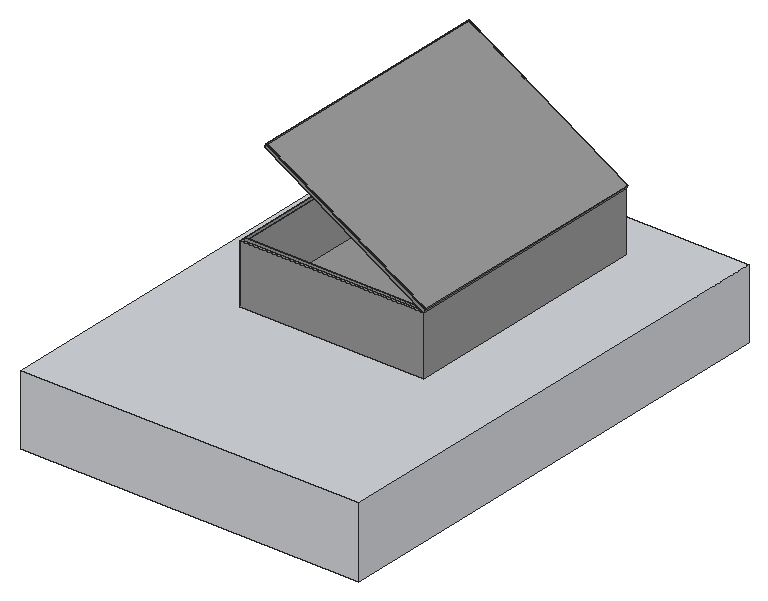
Revit family "Hager-Univers-IP55-D275-H1100-Cl.II-Steel_encl-PL-en", category Equipement électrique, Revit 2020
Family settings
  Hôte = Face
  Configuration du panneau = Deux colonnes, circuits au sein
  Cote de connecteur circulaire = Utiliser le diamètre
  Type d'élément = Tableau de raccordement
  Couper avec des vides une fois chargée = Non
  Partagée = Non
  Point de calcul de pièce = Non
Parameters (values of type "Surface mounted (plaster) IP55 W800 H1100 D275  - FR73S")
  Width Control [instance] = if([EF000008 - Width] > Min Width, [EF000008 - Width], Min Width)  # 800 mm
  Commentaires du type = [HG000003 - Range]  # "Univers"
  Thickness Door [instance] = if([EF009171 - Material plate thickness door/cover] > 3 mm, 3 mm, [EF009171 - Material plate thickness door/cover])  # 1.5 mm
  Seal Frame Offset [instance] = 17 mm  # constant formula
  Plinth Visibility [instance] = [HG000027 - Plinth height] > 0 mm  # no
  Model = ""
  Min Width [instance] = 100 mm  # constant formula
  Min Height [instance] = 100 mm  # constant formula
  Min Depth [instance] = (2 * [EF009170 - Material plate thickness cabinet]) + 1 mm  # 4 mm
  Internal Frame Depth [instance] = (Door System Depth * 0.5)  # 9 mm
  Height Control [instance] = if([EF000040 - Height] > Min Height, [EF000040 - Height], Min Height)  # 1100 mm
  HG000027 - Plinth height = 0 mm
  HG000026 - Floor standing = no
  HG000024 - Bottom section height = 800 mm
  HG000023 - Double section enclosure = no
  HG000016 - Door 3d visibility [instance] = yes
  HG000015 - Clearance visibility [instance] = no
  HG000014 - Door on the right [instance] = yes
  HG000013 - Door on the left [instance] = not([HG000014 - Door on the right])  # no
  HG000012 - Door swing angle [instance] = 30.00°
  HG000010 - Asymmetric doors = no
  HG000009 - Double swing door = no
  HG000006 - Flush mounted = no
  HG000004 - Manufacturer reference = "FR73S"
  HG000003 - Range = "Univers"
  HG000002 - With door or cover = yes
  Frame Offset Bottom [instance] = 10 mm  # constant formula
  Frame Offset [instance] = 15 mm  # constant formula
  EF015940 - Cover with overpressure release = no
  EF011959 - Degree of protection (NEMA) = ""
  EF009554 - Number of openings for flange plates = 6
  EF009212 - Cover model = "EV000116 - Closed"
  EF009171 - Material plate thickness door/cover = 1.5 mm
  EF009170 - Material plate thickness cabinet = 1.5 mm
  Fabricant = "Hager"  # constant formula
  EF008873 - Nominal current (In) = 800 A
  EF007800 - Suitable for lightning protection = no
  EF006306 - With lock = no
  EF006244 - Transparent cover/door = no
  EF005474 - Degree of protection (IP) = "EV006420 - IP55"
  EF004464 - Type of door = "EV002646 - Single"
  EF004427 - Number of modules = 252
  EF004293 - Impact strength = "EV008784 - IK10"
  EF003532 - Suitable for outdoor use = no
  EF002950 - Width in number of modular spacings = 24
  EF001613 - Circuit integrity = "EV000494 - None"
  EF001596 - Material housing = "EV000179 - Steel"
  EF001131 - Internal depth = 275 mm
  EF001088 - Extension possible = yes
  EF000437 - Number of conduit inlets = 6
  EF000339 - Type of cover = "EV004216 - Door"
  EF000266 - Number of rows = 7
  EF000218 - Built-in depth = 0 mm
  EF000118 - With mounting plate = no
  EF000116 - RAL-number = "7035"
  EF000049 - Depth = 275 mm
  EF000040 - Height = 1100 mm
  EF000008 - Width = 800 mm
  EF000007 - Colour = "EV000270 - Grey"
  EF000003 - Mounting method = "EV000384 - Surface mounted (plaster)"
  Door System Leaf Tolerance [instance] = 1.5 mm  # constant formula
  Door System Depth [instance] = 18 mm  # constant formula
  Door Height [instance] = Height Control - [HG000027 - Plinth height]  # 1100 mm
  Depth Control [instance] = if([EF000049 - Depth] > Min Depth, [EF000049 - Depth], Min Depth)  # 275 mm
  Default Elevation = 0 mm
  Connector Offset [instance] = Height Control / 2  # 550 mm
  Bottom Top Plate Trim [instance] = 1.5 mm  # constant formula
  Plinth height Ctrl [instance] = if([HG000027 - Plinth height] > 0 mm, [HG000027 - Plinth height], 12 mm)  # 12 mm
Types (5, lengths in mm): name | Width Control | HG000010 - Asymmetric doors | HG000009 - Double swing door | HG000004 - Manufacturer reference | EF009554 - Number of openings for flange plates | EF004464 - Type of door | EF004427 - Number of modules | EF000437 - Number of conduit inlets | EF000008 - Width
  Surface mounted (plaster) IP55 W1050 H1100 D275  - FR74S | 1050 | no | yes | "FR74S" | 8 | "EV003602 - Double" | 336 | 8 | 1050
  Surface mounted (plaster) IP55 W1300 H1100 D275  - FR75S | 1300 | yes | yes | "FR75S" | 10 | "EV003602 - Double" | 420 | 10 | 1300
  Surface mounted (plaster) IP55 W300 H1100 D275  - FR71S | 300 | no | no | "FR71S" | 2 | "EV002646 - Single" | 84 | 2 | 300
  Surface mounted (plaster) IP55 W550 H1100 D275  - FR72S | 550 | no | no | "FR72S" | 4 | "EV002646 - Single" | 168 | 4 | 550
  Surface mounted (plaster) IP55 W800 H1100 D275  - FR73S | 800 | no | no | "FR73S" | 6 | "EV002646 - Single" | 252 | 6 | 800
Reference planes
  plane 1 "Center (Front/Back)": y = 0
  plane 2: z = 0
  plane 3 "Center (Left/Right)": x = 0
  plane 4: z = 275
  plane 5: y = 1.5
  plane 6: y = 550
  plane 7: y = 0
  plane 8: y = 1100
  plane 9: z = 0
  plane 10: x = -385
  plane 11: x = 385
  plane 12: x = 383.5
  plane 13: x = -383.5
  plane 14: y = 1098.5
  plane 15: x = -383
  plane 16: x = -400
  plane 17: x = 383
  plane 18: x = 400
  plane 19: x = 398.5
  plane 20: x = -398.5
  plane 21: y = 11.5
  plane 22: y = 1100
  plane 23: y = 1083.5
  plane 24: z = 257
  plane 25: z = 1.5
  plane 26: z = 255.5
  plane 27: z = 273.5
Forms (mm)
  Extrusion 1, solid
    sketch origin (0, 0, 0) x (1, 0, 0) y (0, 1, 0)
      loop
        line (-702.964, 1305) -> (-702.964, -811.445) -> (766.763, -811.445) -> (766.763, 1305) -> (-702.964, 1305)
    from 0 to -304.8
  Extrusion 2, solid, material "Hager_Steel_RAL7035_Light_Grey", visible <- "Plinth Visibility", detail levels medium+fine
    sketch origin (0, 0, 0) x (1, 0, 0) y (0, 1, 0)
      loop
        line (-400, 0) -> (400, 0) -> (400, 12) -> (-400, 12) -> (-400, 0)
    from 0 to 257
  Extrusion 3, solid, material "Hager_Steel_RAL7035_Light_Grey", detail levels medium+fine
    sketch origin (0, 0, 0) x (1, 0, 0) y (0, 1, 0)
      loop
        line (-400, 0) -> (400, 0) -> (400, 1100) -> (-400, 1100) -> (-400, 0)
    from 0 to 257
  Extrusion 4, void
    sketch origin (0, 0, 0) x (1, 0, 0) y (0, 1, 0)
      loop
        line (-398.5, 1.5) -> (398.5, 1.5) -> (398.5, 1098.5) -> (-398.5, 1098.5) -> (-398.5, 1.5)
    from 1.5 to 255.5
  Extrusion 5, void
    sketch origin (-381.607, -4572, 257) x (0, -1, 0) y (-1, 0, 0)
      loop
        line (-4583.5, 1.893) -> (-5655.5, 1.893) -> (-5655.5, -765.107) -> (-4583.5, -765.107) -> (-4583.5, 1.893)
    from 0 to 1.5 <- "EF009170 - Material plate thickness cabinet"
  Extrusion 6, solid, material "Hager_Steel_RAL7035_Light_Grey", detail levels fine
    sketch origin (0, 0, 257) x (1, 0, 0) y (0, 1, 0)
      loop
        line (-383.5, 1083.5) -> (-383.5, 11.5) -> (383.5, 11.5) -> (383.5, 1083.5) -> (-383.5, 1083.5)
      loop
        line (-385, 10) -> (385, 10) -> (385, 1085) -> (-385, 1085) -> (-385, 10)
    from 0 to 9 <- "Internal Frame Depth"
  Extrusion 7, solid, material "Hager_Steel_RAL7035_Light_Grey", detail levels coarse
    sketch origin (0, 0, 0) x (1, 0, 0) y (0, 1, 0)
      loop
        line (-400, 0) -> (400, 0) -> (400, 1100) -> (-400, 1100) -> (-400, 0)
    from 0 to 275
  Sweep 8, void
    path in 3D
      loop
        line (-400, 12, 0) -> (400, 12, 0) -> (400, 12, 257) -> (-400, 12, 257) -> (-400, 12, 0)
    profile origin (-400, 12, 128.5) x (-1, 0, 0) y (0, -1, 0)
      loop
        line (0, 0) -> (0, 1.5) -> (-1.5, 1.5)
        arc (-1.5, 1.5) -> (-1.061, 0.439) -> (0, 0) r 1.5
Cuts and joins
  Extrusion 4, Extrusion 5 cuts Extrusion 3
  Sweep 8 cuts Extrusion 2
Lines and regions (mm)
  Masking region 1
    outline origin (0, 0, 0) x (1, 0, 0) y (0, 0, 1)
      loop
        line (-400, 275) -> (-400, 0) -> (400, 0) -> (400, 275) -> (-400, 275)
  Masking region 2, detail levels medium+fine
    outline origin (0, 140, 0) x (0, 1, 0) y (0, 0, 1)
      loop
        line (-140, 0) -> (960, 0) -> (960, 257) -> (-140, 257) -> (-140, 0)
  Masking region 3, not visible, detail levels medium+fine
    outline origin (0, 297.922, 0) x (0, 1, 0) y (0, 0, 1)
      loop
        line (263.578, 0) -> (303.578, 0) -> (303.578, 263.5)
        arc (303.578, 263.5) -> (300.649, 270.571) -> (293.578, 273.5) r 10
        line (293.578, 273.5) -> (263.578, 273.5) -> (263.578, 0)
  Masking region 4, detail levels coarse
    outline origin (0, 0, 180) x (0, 1, 0) y (0, 0, 1)
      loop
        line (0, -180) -> (1100, -180) -> (1100, 95) -> (0, 95) -> (0, -180)
  Masking region 5, visible <- "Plinth Visibility", detail levels medium+fine
    outline origin (0, 52.24, 12.345) x (0, 0, -1) y (0, 1, 0)
      loop
        line (10.845, -40.24) -> (-243.155, -40.24)
        arc (-243.155, -40.24) -> (-243.594, -41.301) -> (-244.655, -41.74) r 1.5
        line (-244.655, -41.74) -> (-244.655, -52.24) -> (12.345, -52.24) -> (12.345, -41.74)
        arc (12.345, -41.74) -> (11.285, -41.301) -> (10.845, -40.24) r 1.5
  Masking region 6, detail levels medium+fine
    outline origin (-381.607, -4572, 257) x (-1, 0, 0) y (0, -1, 0)
      loop
        line (18.393, -5672) -> (18.393, -4572) -> (-781.607, -4572) -> (-781.607, -5672) -> (18.393, -5672)
  Masking region 7, visible <- "Plinth Visibility", detail levels medium+fine
    outline origin (-381.607, -4727, 257) x (-1, 0, 0) y (0, -1, 0)
      loop
        arc (16.893, -4739) -> (17.332, -4737.939) -> (18.393, -4737.5) r 1.5
        line (18.393, -4737.5) -> (18.393, -4727) -> (-781.607, -4727) -> (-781.607, -4737.5)
        arc (-781.607, -4737.5) -> (-780.546, -4737.939) -> (-780.107, -4739) r 1.5
        line (-780.107, -4739) -> (16.893, -4739)
  Masking region 8, detail levels coarse
    outline origin (-442.548, -4669.526, 257) x (-1, 0, 0) y (0, -1, 0)
      loop
        line (-42.548, -5769.526) -> (-42.548, -4669.526) -> (-842.548, -4669.526) -> (-842.548, -5769.526) -> (-42.548, -5769.526)
  sketch lines
    curve 1: line (-400, 12, 257) -> (-400, 12, 0)
    curve 2: line (400, 12, 257) -> (-400, 12, 257)
    curve 3: line (400, 12, 257) -> (400, 12, 0)
    curve 4: line (-400, 12, 0) -> (400, 12, 0)
Dimensions and locks
  "Depth Control": plane 4 to Extrusion 1
  "HG000027 - Plinth height": plane 1 "Center (Front/Back)" to plane 7
  "EF009170 - Material plate thickness cabinet": plane 5 to plane 7
  locked: connector elem to plane 3 "Center (Left/Right)"
  equal spacing: plane 8, plane 6, plane 7
  locked: connector elem to plane 6
  "EF009170 - Material plate thickness cabinet": plane 8 to plane 14
  "EF009170 - Material plate thickness cabinet": plane 10 to plane 13
  "EF009170 - Material plate thickness cabinet": plane 12 to plane 11
  "Frame Offset": plane 20 to plane 13
  "Frame Offset": plane 12 to plane 19
  "EF009170 - Material plate thickness cabinet": plane 16 to plane 20
  "EF009170 - Material plate thickness cabinet": plane 19 to plane 18
  "Seal Frame Offset": plane 16 to plane 15
  "Seal Frame Offset": plane 17 to plane 18
  "Frame Offset Bottom": plane 21 to plane 5
  "Frame Offset": plane 14 to plane 23
  equal spacing: plane 16, plane 3 "Center (Left/Right)", plane 18
  "Width Control": plane 16 to plane 18
  "EF009170 - Material plate thickness cabinet": plane 4 to plane 27
  "EF009170 - Material plate thickness cabinet": plane 24 to plane 26
  "EF009170 - Material plate thickness cabinet": plane 25 to level
  "Door System Depth": plane 4 to plane 24
  "Height Control": plane 1 "Center (Front/Back)" to Extrusion 7 sketch curve
  "Height Control": Masking region 4 sketch curve to plane 1 "Center (Front/Back)"
  "Height Control": plane 1 "Center (Front/Back)" to plane 22
  "Bottom Top Plate Trim": profile plane to Sweep 8 sketch curve
  "Bottom Top Plate Trim": Sweep 8 sketch curve to profile plane
  "Plinth height Ctrl": plane 1 "Center (Front/Back)" to Extrusion 2 sketch curve
  "Plinth height Ctrl": Masking region 5 sketch curve to plane 1 "Center (Front/Back)"
  "Plinth height Ctrl": plane 1 "Center (Front/Back)" to Masking region 7 sketch curve
  "Thickness Door": Extrusion 6 sketch curve to Extrusion 6 sketch curve  (x3)
  "Thickness Door": cut or joined group of Extrusion 3, Extrusion 4, Extrusion 5 to Extrusion 6 sketch curve
  radius of Masking region 3 sketch curve = 10 mm
  "Bottom Top Plate Trim": radius of Masking region 5 sketch curve  (x2)
  "Bottom Top Plate Trim": radius of Sweep 8 sketch curve
  "Bottom Top Plate Trim": radius of Masking region 7 sketch curve  (x2)
  aligned and locked: plane 2 to Extrusion 1
  aligned and locked: level to Extrusion 1
  aligned and locked: level to Masking region 1 sketch curve
  aligned and locked: Masking region 1 sketch curve to plane 18
  aligned and locked: Masking region 1 sketch curve to plane 16
  aligned and locked: plane 7 to Masking region 2 sketch curve
  aligned and locked: level to Masking region 3 sketch curve
  aligned and locked: Masking region 3 sketch curve to plane 27
  aligned and locked: level to Masking region 2 sketch curve
  aligned and locked: plane 1 "Center (Front/Back)" to Extrusion 2 sketch curve
  aligned and locked: Extrusion 3 sketch curve to plane 7
  aligned and locked: plane 16 to Extrusion 3 sketch curve
  aligned and locked: plane 18 to Extrusion 3 sketch curve
  aligned and locked: plane 20 to Extrusion 4 sketch curve
  aligned and locked: plane 19 to Extrusion 4 sketch curve
  aligned and locked: Extrusion 4 sketch curve to plane 5
  aligned and locked: Extrusion 4 to plane 25
  aligned and locked: plane 26 to Extrusion 4
  aligned and locked: plane 24 to Extrusion 3
  aligned and locked: Extrusion 5 sketch curve to plane 21
  aligned and locked: Extrusion 5 sketch curve to plane 13
  aligned and locked: Extrusion 5 sketch curve to plane 12
  aligned and locked: plane 18 to Extrusion 7 sketch curve
  aligned and locked: plane 1 "Center (Front/Back)" to Extrusion 7 sketch curve
  aligned and locked: plane 16 to Extrusion 7 sketch curve
  aligned and locked: plane 4 to Extrusion 7
  aligned and locked: Extrusion 7 to level
  aligned and locked: level to Masking region 4 sketch curve
  aligned and locked: Masking region 4 sketch curve to plane 1 "Center (Front/Back)"
  aligned and locked: Masking region 4 sketch curve to plane 4
  aligned and locked: nested 1 to level
  aligned and locked: nested 1 to plane 16
  aligned and locked: plane 8 to Extrusion 3 sketch curve
  aligned and locked: plane 23 to Extrusion 5 sketch curve
  aligned and locked: plane 14 to Extrusion 4 sketch curve
  aligned and locked: Masking region 2 sketch curve to plane 8
  aligned and locked: level to Masking region 5 sketch curve
  aligned and locked: plane 16 to Extrusion 2 sketch curve
  aligned and locked: plane 18 to Extrusion 2 sketch curve
  aligned and locked: Masking region 5 sketch curve to plane 24
  aligned and locked: Masking region 2 sketch curve to plane 24
  aligned and locked: plane 24 to Extrusion 2
  aligned and locked: profile plane to Sweep 8 sketch curve  (x2)
  aligned and locked: Masking region 6 sketch curve to plane 18
  aligned and locked: Masking region 6 sketch curve to plane 22
  aligned and locked: Masking region 6 sketch curve to plane 16
  aligned and locked: plane 8 to plane 22
  aligned and locked: Masking region 6 sketch curve to plane 7
  aligned and locked: Masking region 7 sketch curve to plane 16
  aligned and locked: Masking region 7 sketch curve to plane 1 "Center (Front/Back)"
  aligned and locked: Masking region 7 sketch curve to plane 18
  aligned and locked: Masking region 8 sketch curve to plane 1 "Center (Front/Back)"
  aligned and locked: Masking region 8 sketch curve to plane 18
  aligned and locked: Masking region 8 sketch curve to plane 22
  aligned and locked: Masking region 8 sketch curve to plane 16
  aligned and locked: nested 2 to plane 7
  aligned and locked: plane 3 "Center (Left/Right)" to nested 2
  aligned and locked: nested 2 to plane 24
  aligned and locked: Extrusion 6 sketch curve to cut or joined group of Extrusion 3, Extrusion 4, Extrusion 5  (x4)
Automatic sketch dimensions
  Extrusion 1 sketch curve to Extrusion 1 sketch curve = 1469.727 mm
  Extrusion 1 sketch curve to Extrusion 1 sketch curve = 2116.445 mm
  Masking region 1 sketch curve to plane 4 = 0 mm
  plane 6 to Masking region 3 sketch curve = 11.5 mm
  Masking region 3 sketch curve to Masking region 3 sketch curve = 30 mm
  Masking region 5 sketch curve to plane 1 "Center (Front/Back)" = 0 mm
Nested families
  nested 1: "Hager_Enclosure_Symbol" at (-400, 0, 0) x (1, 0, 0) z (0, -1, 0), Height <- "Depth Control", Width <- "Width Control", type "Hager_Enclosure_Symbol"
    with Width_Ctrl 800 mm, Width 800 mm, Height_Ctrl 275 mm, Height 275 mm, A_Width_Int 18.047 mm, A_Width 216.562 mm, A_Height_Ctrl 240.625 mm, A_Height 240.625 mm
  nested 2: "EC000058_Univers_Door" at (0, 0, 257) x (1, 0, 0) z (0, 1, 0), Leaf_Tolerance <- "Door System Leaf Tolerance", Angle <- "HG000012 - Door swing angle", Door_Depth <- "Door System Depth", Door_Left <- "HG000013 - Door on the left", Transparent <- "EF006244 - Transparent cover/door", Assymetrical <- "HG000010 - Asymmetric doors", Width <- "Width Control", Clearance <- "HG000015 - Clearance visibility", Double <- "HG000009 - Double swing door", 3d_Door <- "HG000016 - Door 3d visibility", Lock_Visibility <- "EF006306 - With lock", Width_Ctrl <- "Width Control", Door_Right <- "HG000014 - Door on the right", Door <- "HG000002 - With door or cover", Height <- "Door Height", Thickness <- "Thickness Door", type "EC000058_Univers_Door", detail levels medium+fine
    with min_wh 4 mm, Width_Ctrl 800 mm, Width 800 mm, Transparent no, Thickness 1.5 mm, Seal_Material Hager_Rubber, Lock_Visibility no, Lock_Material Hager_Plastic_RAL9005_Jet_Black, Leaf_Width 800 mm, Leaf_Tolerance_External_Sides 0 mm, Leaf_Tolerance 1.5 mm, Leaf_Offset 0 mm, Leaf_Height 1097 mm, Leaf_2_Width 800 mm, Leaf_2_Offset 400 mm, Leaf_1_Width 800 mm, Leaf_1_Offset 400 mm, Height_Ctrl 1100 mm, Height 1100 mm, Glass_Material Hager_Glass, Double_Clearance_Ctrl no, Double no, Door_Right_Ctrl yes, Door_Right yes, Door_Material Hager_Steel_RAL7035_Light_Grey, Door_Left_Ctrl no, Door_Left no, Door_Depth 18 mm, Door yes, Clearance_Material Hager_Clearance, Clearance_Depth 800 mm, Clearance_Ctrl no, Clearance no, Assymetrical no, Angle 30.00°, 3d_Door yes
Connectors
  electrical at (0, 550, 0)
    settings: on plane 9, index 1, voltage 0 V, apparent load 0 VA, apparent load phase1 0 VA, apparent load phase2 0 VA, apparent load phase3 0 VA, power factor 1, load classification "Other", number of poles 1, system type 30, power factor state 1, is connector primary yes, connector utility no, sub classification motor no, connector description ""
Definition of nested family "EC000058_Univers_Door"
  Parameters (values of type "EC000058_Univers_Door")
    min_wh [instance] = (2 * Thickness) + 1 mm  # 11 mm
    Width_Ctrl [instance] = 400 mm
    Width [instance] = 500 mm
    Transparent [instance] = yes
    Thickness [instance] = 5 mm
    Seal_Material [instance] = none
    Lock_Visibility [instance] = yes
    Lock_Material [instance] = none
    Leaf_Width [instance] = if((Width_Ctrl - 2 * Leaf_Tolerance_External_Sides) > 0 mm, (Width_Ctrl - 2 * Leaf_Tolerance_External_Sides), min_wh)  # 400 mm
    Leaf_Tolerance_External_Sides [instance] = 0 mm  # constant formula
    Leaf_Tolerance [instance] = 1.5 mm
    Leaf_Offset [instance] = 0 mm  # constant formula
    Leaf_Height [instance] = if((Height_Ctrl - 2 * Leaf_Tolerance) > 0 mm, (Height_Ctrl - 2 * Leaf_Tolerance), min_wh)  # 497 mm
    Leaf_2_Width [instance] = if(and(and(Double, Assymetrical), Door_Left), (Leaf_Width / 3) - (Leaf_Tolerance / 2), if(and(and(Double, Assymetrical), Door_Right), (Leaf_Width / 3) * 2 - (Leaf_Tolerance / 2), if(and(Double, not(Assymetrical)), (Leaf_Width / 2) - Leaf_Tolerance, Leaf_Width)))  # 400 mm
    Leaf_2_Offset [instance] = if(and(Double, Assymetrical), Leaf_2_Width / 2, if(and(Double, not(Assymetrical)), Leaf_Width / 4, Leaf_Width / 2))  # 200 mm
    Leaf_1_Width [instance] = if(and(and(Double, Assymetrical), Door_Right), (Leaf_Width / 3) - (Leaf_Tolerance / 2), if(and(and(Double, Assymetrical), Door_Left), (Width / 3) * 2 - (Leaf_Tolerance / 2), if(and(Double, not(Assymetrical)), (Leaf_Width / 2) - Leaf_Tolerance, Leaf_Width)))  # 400 mm
    Leaf_1_Offset [instance] = if(and(Double, Assymetrical), Leaf_1_Width / 2, if(and(Double, not(Assymetrical)), Leaf_Width / 4, Leaf_Width / 2))  # 200 mm
    Height_Ctrl [instance] = if(Height > min_wh, Height, min_wh)  # 500 mm
    Height [instance] = 500 mm
    Glass_Material [instance] = none
    Double_Clearance_Ctrl [instance] = and(Double, Clearance)  # no
    Double [instance] = no
    Door_Right_Ctrl [instance] = and(or(Door_Right, Double), Door)  # yes
    Door_Right [instance] = yes
    Door_Material [instance] = none
    Door_Left_Ctrl [instance] = and(or(Door_Left, Double), Door)  # no
    Door_Left [instance] = no
    Door_Depth [instance] = 30 mm
    Door [instance] = yes
    Default Elevation = 1219.2 mm
    Clearance_Material [instance] = none
    Clearance_Depth [instance] = if(Leaf_1_Width > Leaf_2_Width, Leaf_1_Width, Leaf_2_Width)  # 400 mm
    Clearance_Ctrl [instance] = and(not(Double), Clearance)  # yes
    Clearance [instance] = yes
    Assymetrical [instance] = yes
    Angle [instance] = 30.00°
    3d_Door [instance] = yes
  Reference planes
    plane 1 "Center (Front/Back)": y = 0
    plane 2 "Bottom": z = 0
    plane 3 "Center (Left/Right)": x = 0
    plane 4: z = 500
    plane 5: x = -200
    plane 6: x = 200
    plane 7: z = 500
    plane 8: x = -200
    plane 9: z = 0
    plane 10: x = 200
    plane 11: y = 0
    plane 12: z = 1.5
    plane 13: x = -600
    plane 14: y = -400
    plane 15: x = 600
    plane 16: x = 0
    plane 17: x = 0
    plane 18: x = -200
    plane 19: x = 200
    plane 20: z = 498.5
  Forms (mm)
    Extrusion 1, solid, material <- "Clearance_Material", visible <- "Double_Clearance_Ctrl"
      sketch origin (1200, 0, 0) x (1, 0, 0) y (0, 0, -1)
        loop
          line (-1800, -498.5) -> (-600, -498.5) -> (-600, 0) -> (-1800, 0) -> (-1800, -498.5)
      from 0 to -400
  Dimensions and locks
    equal spacing: plane 5, plane 3 "Center (Left/Right)", plane 6
    "Width_Ctrl": plane 5 to plane 6
    "Leaf_Offset": plane 5 to plane 8
    "Leaf_Offset": plane 6 to plane 10
    "Leaf_Offset": plane 9 to level
    "Leaf_Offset": plane 4 to plane 7
    "Height_Ctrl": plane 4 to level
    "Leaf_Tolerance": plane 12 to plane 9
    locked: plane 11 to plane 1 "Center (Front/Back)"
    "Leaf_1_Offset": plane 18 to plane 16
    "Leaf_2_Offset": plane 17 to plane 19
    "Leaf_1_Width": plane 13 to plane 8
    "Leaf_2_Width": plane 10 to plane 15
    "Clearance_Depth": plane 14 to plane 1 "Center (Front/Back)"
    "Leaf_Tolerance_External_Sides": plane 8 to plane 18
    "Leaf_Tolerance_External_Sides": plane 19 to plane 10
    "Leaf_Tolerance": plane 7 to plane 20
    aligned and locked: level to plane 2 "Bottom"
    aligned and locked: nested 1 to plane 16
    aligned and locked: nested 2 to plane 17
    aligned and locked: Extrusion 1 to plane 13
    aligned and locked: plane 15 to Extrusion 1
    aligned and locked: Extrusion 1 to plane 14
    aligned and locked: plane 12 to nested 1
    aligned and locked: nested 2 to plane 12
    aligned and locked: Extrusion 1 to plane 11
    aligned and locked: plane 20 to Extrusion 1
    aligned and locked: nested 2 to plane 11
    aligned and locked: nested 1 to plane 11
  Automatic sketch dimensions
    Extrusion 1 sketch curve to level = 0 mm
    plane 5 to Extrusion 1 sketch curve = 400 mm
    plane 6 to Extrusion 1 sketch curve = 400 mm
    Extrusion 1 sketch curve to plane 4 = 1.5 mm
  Nested families
    nested 1: "EC000058_Univers_Door_Leaf" at (0, 0, 1.5), Width <- "Leaf_1_Width", visible <- "Door_Left_Ctrl", Leaf_Height <- "Leaf_Height", Angle <- "Angle", 3d_Door <- "3d_Door", Transparent <- "Transparent", Clearance Material <- "Clearance_Material", Clearance <- "Clearance_Ctrl", Door_Material <- "Door_Material", Glass_Material <- "Glass_Material", Door_Depth <- "Door_Depth", Lock_Material <- "Lock_Material", Seal_Material <- "Seal_Material", Lock_Visibility <- "Lock_Visibility", Thickness <- "Thickness", type "EC000058_Univers_Door_Leaf"
      with Width 400 mm, Transparent_Glass_Offset 30 mm, Transparent_Ctrl yes, Transparent yes, Thickness 5 mm, Standard no, Seal_Material none, Seal_D2 8 mm, Seal_D1 1 mm, Offset_Internal_Frame 10 mm, Lock_Width 20 mm, Lock_Visibility_3d yes, Lock_Visibility yes, Lock_Thickness_3 3 mm, Lock_Thickness_2 1 mm, Lock_Thickness_1 3 mm, Lock_Radius_Offset_2 16 mm, Lock_Radius_Offset_1 15 mm, Lock_Radius_2 5 mm, Lock_Radius 6 mm, Lock_Offset 5 mm, Lock_Material none, Lock_Height 80 mm, Lock_Cover_Top_Offset_2d 17 mm, Lock_Cover_Height -65 mm, Leaf_Height 497 mm, Internal_Seal_Thickness 8 mm, Internal_Seal_Depth_2 4.5 mm, Internal_Frame_Depth 25 mm, Glass_Thickness -1 mm, Glass_Offset -2 mm, Glass_Material none, Door_Material none, Door_Depth 30 mm, Clearance Material none, Clearance yes, Angle_Ctrl 30.00°, Angle 30.00°, 3d_Door yes
    nested 2: "EC000058_Univers_Door_Leaf" at (0, 0, 1.5) x (-1, 0, 0) z (0, 0, 1), Width <- "Leaf_2_Width", visible <- "Door_Right_Ctrl", Leaf_Height <- "Leaf_Height", Angle <- "Angle", 3d_Door <- "3d_Door", Transparent <- "Transparent", Clearance Material <- "Clearance_Material", Clearance <- "Clearance_Ctrl", Door_Material <- "Door_Material", Glass_Material <- "Glass_Material", Door_Depth <- "Door_Depth", Lock_Material <- "Lock_Material", Seal_Material <- "Seal_Material", Lock_Visibility <- "Lock_Visibility", Thickness <- "Thickness", type "EC000058_Univers_Door_Leaf"
      with Width 400 mm, Transparent_Glass_Offset 30 mm, Transparent_Ctrl yes, Transparent yes, Thickness 5 mm, Standard no, Seal_Material none, Seal_D2 8 mm, Seal_D1 1 mm, Offset_Internal_Frame 10 mm, Lock_Width 20 mm, Lock_Visibility_3d yes, Lock_Visibility yes, Lock_Thickness_3 3 mm, Lock_Thickness_2 1 mm, Lock_Thickness_1 3 mm, Lock_Radius_Offset_2 16 mm, Lock_Radius_Offset_1 15 mm, Lock_Radius_2 5 mm, Lock_Radius 6 mm, Lock_Offset 5 mm, Lock_Material none, Lock_Height 80 mm, Lock_Cover_Top_Offset_2d 17 mm, Lock_Cover_Height -65 mm, Leaf_Height 497 mm, Internal_Seal_Thickness 8 mm, Internal_Seal_Depth_2 4.5 mm, Internal_Frame_Depth 25 mm, Glass_Thickness -1 mm, Glass_Offset -2 mm, Glass_Material none, Door_Material none, Door_Depth 30 mm, Clearance Material none, Clearance yes, Angle_Ctrl 30.00°, Angle 30.00°, 3d_Door yes
  Definition of nested family "EC000058_Univers_Door_Leaf"
    Parameters (values of type "EC000058_Univers_Door_Leaf")
      Width [instance] = 2000 mm
      Transparent_Glass_Offset [instance] = 30 mm
      Transparent_Ctrl [instance] = and(Transparent, [3d_Door])  # yes
      Transparent [instance] = yes
      Thickness [instance] = 5 mm
      Standard [instance] = and(not(Transparent), [3d_Door])  # no
      Seal_Material [instance] = none
      Seal_D2 [instance] = 8 mm  # constant formula
      Seal_D1 [instance] = 1 mm  # constant formula
      Offset_Internal_Frame [instance] = 10 mm  # constant formula
      Lock_Width [instance] = 20 mm  # constant formula
      Lock_Visibility_3d [instance] = and(Lock_Visibility, [3d_Door])  # yes
      Lock_Visibility [instance] = yes
      Lock_Thickness_3 [instance] = 3 mm  # constant formula
      Lock_Thickness_2 [instance] = 1 mm  # constant formula
      Lock_Thickness_1 [instance] = 3 mm  # constant formula
      Lock_Radius_Offset_2 [instance] = Lock_Radius_Offset_1 + 1 mm  # 16 mm
      Lock_Radius_Offset_1 [instance] = 15 mm  # constant formula
      Lock_Radius_2 [instance] = Lock_Radius - 1 mm  # 5 mm
      Lock_Radius [instance] = 6 mm  # constant formula
      Lock_Offset [instance] = 5 mm  # constant formula
      Lock_Material [instance] = none
      Lock_Height [instance] = 80 mm  # constant formula
      Lock_Cover_Top_Offset_2d [instance] = Lock_Radius_Offset_2 + 1 mm  # 17 mm
      Lock_Cover_Height [instance] = -(Lock_Height - Lock_Radius_Offset_1)  # -65 mm
      Leaf_Height [instance] = 2720.336 mm
      Internal_Seal_Thickness [instance] = 8 mm  # constant formula
      Internal_Seal_Depth_2 [instance] = 4.5 mm  # constant formula
      Internal_Frame_Depth [instance] = if(Door_Depth - Thickness > 5 mm, Door_Depth - Thickness, 5 mm)  # 25 mm
      Glass_Thickness [instance] = if(Thickness > 15 mm, Glass_Offset + 10 mm, -1 mm)  # -1 mm
      Glass_Offset [instance] = if(Thickness > 15 mm, -(Thickness + 10 mm) / 2, -2 mm)  # -2 mm
      Glass_Material [instance] = none
      Door_Material [instance] = none
      Door_Depth [instance] = 30 mm
      Default Elevation = 0 mm
      Clearance Material [instance] = none
      Clearance [instance] = yes
      Angle_Ctrl [instance] = if(Angle > 180.00°, 180.00°, Angle)  # 90.00°
      Angle [instance] = 90.00°
      3d_Door [instance] = yes
    Reference planes
      plane 1 "Center (Front/Back)": y = 0
      plane 2: z = 0
      plane 3 "Center (Left/Right)": x = 0
      plane 4: y = 2000
      plane 5: x = -1000
      plane 6: x = 1000
      plane 7: x = -3000
      plane 8: z = 2720.336
      plane 9: z = 30
      plane 10: z = 2690.336
      plane 11: x = 970
      plane 12: x = -970
      plane 13: y = -3
      plane 14: z = 107.833
      plane 15: y = -5
      plane 16: y = -223.314
      plane 17: x = -1000
      plane 18: z = 1360.168
      plane 19: y = 30
    Forms (mm)
      Extrusion 1, solid, material <- "Clearance Material", visible <- "Clearance"
        sketch origin (0, 0, 0) x (1, 0, 0) y (0, 0, 1)
          loop
            line (-3000, 2720.336) -> (-3000, 0) -> (1000, 0) -> (1000, 2720.336) -> (-3000, 2720.336)
        from 0 to -2000
      Extrusion 2, solid, material <- "Door_Material", visible <- "Standard", detail levels medium+fine
        sketch origin (-1000, 0, 0) x (0, 1, 0) y (-1, 0, 0)
          loop
            line (0, 30) -> (0, 25) -> (2000, 25) -> (2000, 30) -> (0, 30)
        from 0 to 2720.336 <- "Leaf_Height"
      Extrusion 3, solid, material <- "Door_Material", visible <- "Transparent_Ctrl", detail levels medium+fine
        sketch origin (-1000, 0, 0) x (0, 1, 0) y (-1, 0, 0)
          loop
            line (0, 25) -> (2000, 25) -> (2000, 30) -> (0, 30) -> (0, 25)
        from 0 to 2720.336 <- "Leaf_Height"
      Extrusion 4, void
        sketch origin (-1025, 2000, 0) x (0, 1, 0) y (0, 0, -1)
          loop
            line (-30, -2690.336) -> (-30, -30) -> (-1970, -30) -> (-1970, -2690.336) -> (-30, -2690.336)
        from 0 to 5 <- "Thickness"
      Sweep 5, solid, material <- "Seal_Material", visible <- "Transparent_Ctrl", detail levels fine
        path in 3D
          loop
            line (-1025, 30, 30) -> (-1025, 30, 2690.336) -> (-1025, 1970, 2690.336) -> (-1025, 1970, 30) -> (-1025, 30, 30)
        profile origin (-1025, 1000, 30) x (1, 0, 0) y (0, 0, 1)
          loop
            line (0, 0) -> (0, -8) -> (1, -8) -> (1, 0) -> (0, 0)
      Extrusion 6, solid, material <- "Glass_Material", visible <- "Transparent_Ctrl", detail levels medium+fine
        sketch origin (-1030, 0, 0) x (0, 1, 0) y (0, 0, -1)
          loop
            line (1970, -2690.336) -> (1970, -30) -> (30, -30) -> (30, -2690.336) -> (1970, -2690.336)
        from -2 <- "Glass_Offset" to -1 <- "Glass_Thickness"
      Extrusion 7, solid, material <- "Door_Material", visible <- "3d_Door", detail levels medium+fine
        sketch origin (-1025, 2000, 0) x (0, -1, 0) y (0, 0, -1)
          loop
            line (0, -2720.336) -> (2000, -2720.336) -> (2000, 0) -> (0, 0) -> (0, -2720.336)
          loop
            line (1995, -5) -> (5, -5) -> (5, -2715.336) -> (1995, -2715.336) -> (1995, -5)
        from 0 to 25 <- "Internal_Frame_Depth"
      Sweep 8, solid, material <- "Seal_Material", visible <- "Transparent_Ctrl", detail levels fine
        path in 3D
          loop
            line (-1025, 0, 0) -> (-1025, 2000, 0) -> (-1025, 2000, 2720.336) -> (-1025, 0, 2720.336) -> (-1025, 0, 0)
        profile origin (-1025, 0, 1360.168) x (1, 0, 0) y (0, 1, 0)
          loop
            line (0, 10) -> (2.975, 10)
            arc (2.975, 10) -> (4.053, 10.447) -> (4.5, 11.525) r 1.525
            line (4.5, 11.525) -> (4.5, 16.527)
            arc (4.5, 16.527) -> (4.069, 17.569) -> (3.027, 18) r 1.473
            line (3.027, 18) -> (0, 18) -> (0, 10)
      Extrusion 9, solid, material <- "Lock_Material", visible <- "Lock_Visibility_3d", detail levels fine
        sketch origin (-1030, 0, 0) x (0, 1, 0) y (0, 0, -1)
          loop
            arc (1993.5, -1400.168) -> (1994.561, -1399.729) -> (1995, -1398.668) r 1.5
            line (1995, -1398.668) -> (1995, -1320.168) -> (1975, -1320.168) -> (1975, -1398.668)
            arc (1975, -1398.668) -> (1975.439, -1399.729) -> (1976.5, -1400.168) r 1.5
            line (1976.5, -1400.168) -> (1993.5, -1400.168)
        from 3 <- "Lock_Thickness_1" to 0
      Blend 10, solid, material <- "Lock_Material", visible <- "Lock_Visibility_3d", detail levels fine
        base sketch origin (-1033, 0, 0) x (0, 1, 0) y (0, 0, -1)
          loop
            line (1975, -1320.168) -> (1975, -1398.668)
            arc (1975, -1398.668) -> (1975.439, -1399.729) -> (1976.5, -1400.168) r 1.5
            line (1976.5, -1400.168) -> (1993.5, -1400.168)
            arc (1993.5, -1400.168) -> (1994.561, -1399.729) -> (1995, -1398.668) r 1.5
            line (1995, -1398.668) -> (1995, -1320.168) -> (1975, -1320.168)
        top sketch origin (-1033, 0, 0) x (0, 1, 0) y (0, 0, -1)
          loop
            line (1976, -1320.168) -> (1976, -1398.668)
            arc (1976, -1398.668) -> (1976.146, -1399.022) -> (1976.5, -1399.168) r 0.5
            line (1976.5, -1399.168) -> (1993.5, -1399.168)
            arc (1993.5, -1399.168) -> (1993.854, -1399.022) -> (1994, -1398.668) r 0.5
            line (1994, -1398.668) -> (1994, -1320.168) -> (1976, -1320.168)
        from 0 to 1 <- "Lock_Thickness_2"
      Blend 11, solid, material <- "Lock_Material", visible <- "Lock_Visibility_3d", detail levels fine
        base sketch origin (-1034, 0, 0) x (0, 1, 0) y (0, 0, -1)
          loop
            line (1978, -1320.168) -> (1978, -1384.168)
            arc (1978, -1384.168) -> (1985, -1391.168) -> (1992, -1384.168) r 7
            line (1992, -1384.168) -> (1992, -1320.168) -> (1978, -1320.168)
        top sketch origin (-1034, 0, 0) x (0, 1, 0) y (0, 0, -1)
          loop
            line (1991, -1320.168) -> (1979, -1320.168) -> (1979, -1383.168)
            arc (1979, -1383.168) -> (1985, -1389.168) -> (1991, -1383.168) r 6
            line (1991, -1383.168) -> (1991, -1320.168)
        from 0 to 3 <- "Lock_Thickness_3"
      Extrusion 12, solid, material <- "Lock_Material", visible <- "Lock_Visibility_3d", detail levels fine
        sketch origin (-1030, 1975, 1320.168) x (1, 0, 0) y (0, -1, 0)
          loop
            line (-7, -19) -> (-7, -1) -> (0, -1) -> (0, 0) -> (-8, 0) -> (-8, -20) -> (0, -20) -> (0, -19) -> (-7, -19)
        from 0 to -65 <- "Lock_Cover_Height"
      Extrusion 13, void
        sketch origin (-1038, 1995, 1320.168) x (-1, 0, 0) y (0, 0, -1)
          loop
            line (-5, -65) -> (0, -65) -> (-5, -60) -> (-5, -65)
        from 0 to 20 <- "Lock_Width"
      Extrusion 14, void
        sketch origin (-1038, 1975, 1320.168) x (0, -1, 0) y (0, 0, -1)
          loop
            circle (-10, -15.995) r 6
          loop
            circle (-10, -15.995) r 5
        from 0 to 2
      Extrusion 15, solid, material <- "Lock_Material", visible <- "Lock_Visibility_3d", detail levels medium
        sketch origin (-1030, 0, 0) x (0, 1, 0) y (0, 0, -1)
          loop
            arc (1993.5, -1400.168) -> (1994.561, -1399.729) -> (1995, -1398.668) r 1.5
            line (1995, -1398.668) -> (1995, -1320.168) -> (1975, -1320.168) -> (1975, -1398.668)
            arc (1975, -1398.668) -> (1975.439, -1399.729) -> (1976.5, -1400.168) r 1.5
            line (1976.5, -1400.168) -> (1993.5, -1400.168)
        from 8 to 0
    Cuts and joins
      Extrusion 4 cuts Extrusion 3
      Extrusion 13, Extrusion 14 cuts Extrusion 9
      Extrusion 14 cuts Blend 11
      Extrusion 13, Extrusion 14 cuts Extrusion 12
      joined: Extrusion 9, Blend 10, Blend 11, Extrusion 12
      Extrusion 14 cuts Extrusion 15
    Lines and regions (mm)
      Masking region 1, visible <- "Lock_Visibility", detail levels fine
        outline origin (0, 0, 0) x (0, 1, 0) y (0, 0, 1)
          loop
            line (30, 1320.168) -> (33, 1320.168) -> (33, 1400.168) -> (30, 1400.168) -> (30, 1320.168)
      Masking region 2, visible <- "Lock_Visibility", detail levels fine
        outline origin (0, 3.143, 0) x (0, 1, 0) y (0, 0, 1)
          loop
            line (29.857, 1354.168) -> (30.857, 1354.168) -> (30.857, 1366.168) -> (29.857, 1366.168) -> (29.857, 1354.168)
      Masking region 3, detail levels medium+fine
        outline origin (0, 0, 0) x (0, 1, 0) y (0, 0, 1)
          loop
            line (0, 0) -> (30, 0) -> (30, 2720.336) -> (0, 2720.336) -> (0, 0)
      Masking region 4, detail levels medium+fine
        outline origin (0, 0, 0) x (1, 0, 0) y (0, 0, 1)
          loop
            line (-1000, 2720.336) -> (-1000, 0) -> (1000, 0) -> (1000, 2720.336) -> (-1000, 2720.336)
      Masking region 5, visible <- "Lock_Visibility", detail levels fine
        outline origin (-47.116, 0, 0) x (1, 0, 0) y (0, 0, 1)
          loop
            arc (1024.616, 1399.168) -> (1023.556, 1398.729) -> (1023.116, 1397.668) r 1.5
            line (1023.116, 1397.668) -> (1023.116, 1320.168) -> (1041.116, 1320.168) -> (1041.116, 1397.668)
            arc (1041.116, 1397.668) -> (1040.677, 1398.729) -> (1039.616, 1399.168) r 1.5
            line (1039.616, 1399.168) -> (1024.616, 1399.168)
      Masking region 6, visible <- "Lock_Visibility", detail levels medium+fine
        outline origin (-25, 0, 0) x (1, 0, 0) y (0, 0, 1)
          loop
            arc (1001.5, 1400.168) -> (1000.439, 1399.729) -> (1000, 1398.668) r 1.5
            line (1000, 1398.668) -> (1000, 1320.168) -> (1020, 1320.168) -> (1020, 1398.668)
            arc (1020, 1398.668) -> (1019.561, 1399.729) -> (1018.5, 1400.168) r 1.5
            line (1018.5, 1400.168) -> (1001.5, 1400.168)
      Masking region 7, visible <- "Lock_Visibility", detail levels fine
        outline origin (-73.735, 0, 0) x (1, 0, 0) y (0, 0, 1)
          loop
            line (1051.735, 1382.168) -> (1065.735, 1382.168) -> (1065.735, 1384.168)
            arc (1065.735, 1384.168) -> (1058.735, 1391.168) -> (1051.735, 1384.168) r 7
            line (1051.735, 1384.168) -> (1051.735, 1382.168)
      Masking region 8, visible <- "Lock_Visibility", detail levels fine
        outline origin (-73.735, 0, 0) x (1, 0, 0) y (0, 0, 1)
          loop
            line (1052.735, 1382.168) -> (1064.735, 1382.168) -> (1064.735, 1383.168)
            arc (1064.735, 1383.168) -> (1058.735, 1389.168) -> (1052.735, 1383.168) r 6
            line (1052.735, 1383.168) -> (1052.735, 1382.168)
      Masking region 9, visible <- "Lock_Visibility", detail levels fine
        outline origin (-25, 0, 0) x (1, 0, 0) y (0, 0, 1)
          loop
            line (1020, 1320.168) -> (1020, 1382.168) -> (1000, 1382.168) -> (1000, 1320.168) -> (1020, 1320.168)
      Masking region 10, detail levels medium+fine
        outline origin (0, 0, 0) x (1, 0, 0) y (0, 0, 1)
          loop
            circle (985, 1335.144) r 6
      Masking region 11, detail levels fine
        outline origin (0, 0, 0) x (1, 0, 0) y (0, 0, 1)
          loop
            circle (985, 1335.144) r 5
      Masking region 12, visible <- "Lock_Visibility", detail levels fine
        outline origin (0, 12.767, 0) x (0, 1, 0) y (0, 0, 1)
          loop
            line (20.233, 1320.168) -> (21.233, 1320.168) -> (21.233, 1399.168) -> (20.233, 1400.168) -> (20.233, 1320.168)
      Masking region 13, visible <- "Lock_Visibility", detail levels fine
        outline origin (0, 13.767, -10) x (0, 1, 0) y (0, 0, 1)
          loop
            line (20.233, 1330.168) -> (23.233, 1330.168) -> (23.233, 1399.168) -> (20.233, 1402.168) -> (20.233, 1330.168)
      Masking region 14, visible <- "Lock_Visibility", detail levels fine
        outline origin (0, 12.767, -10) x (0, 1, 0) y (0, 0, 1)
          loop
            line (20.233, 1330.168) -> (25.233, 1330.168) -> (25.233, 1399.305) -> (20.233, 1394.305) -> (20.233, 1330.168)
      Masking region 15, visible <- "Lock_Visibility", detail levels medium
        outline origin (0, 0, 0) x (0, 1, 0) y (0, 0, 1)
          loop
            line (30, 1320.168) -> (38, 1320.168) -> (38, 1400.168) -> (30, 1400.168) -> (30, 1320.168)
      Masking region 16, visible <- "Lock_Visibility", detail levels fine
        outline origin (-1000, 0, 0) x (0, 1, 0) y (-1, 0, 0)
          loop
            line (1975, 30) -> (1995, 30) -> (1995, 38) -> (1975, 38) -> (1975, 30)
          loop
            line (1979, 37) -> (1976, 37) -> (1976, 34) -> (1978, 34) -> (1979, 37)
          loop
            line (1994, 37) -> (1991, 37) -> (1992, 34) -> (1994, 34) -> (1994, 37)
      Masking region 17, visible <- "Lock_Visibility", detail levels medium
        outline origin (-1000, 0, 0) x (0, 1, 0) y (-1, 0, 0)
          loop
            line (1975, 30) -> (1995, 30) -> (1995, 38) -> (1975, 38) -> (1975, 30)
      symbolic lines
        curve 1: line (1000, 0, 0) -> (-3000, 0, 0)
        curve 2: arc (1000, 0, 0) -> (-1000, 2000, 0) -> (-3000, 0, 0) r 2000
        curve 4: line (-1030, 0, 0) -> (-1030, 2000, 0)
      reference lines
        curve 3: line (-1000, 0, 0) -> (-1000, 2000, 0)
      symbolic lines, detail levels medium+fine
        curve 5: line (-1030, 2000, 0) -> (-1025, 2000, 0)
        curve 7: line (-1025, 0, 0) -> (-1030, 0, 0)
        curve 8: line (-1025, 0, 0) -> (-1000, 0, 0)
        curve 9: line (-1000, 0, 0) -> (-1000, 2000, 0)
        curve 10: line (-1000, 2000, 0) -> (-1025, 2000, 0)
      symbolic lines, detail levels fine
        curve 6: line (-1025, 2000, 0) -> (-1025, 0, 0)
      sketch lines
        curve 11: line (-1025, 0, 2720.336) -> (-1025, 0, 0)
        curve 12: line (-1025, 2000, 0) -> (-1025, 0, 0)
        curve 13: line (-1025, 2000, 2720.336) -> (-1025, 2000, 0)
        curve 14: line (-1025, 0, 2720.336) -> (-1025, 2000, 2720.336)
        curve 15: line (-1025, 1970, 30) -> (-1025, 30, 30)
        curve 16: line (-1025, 30, 30) -> (-1025, 30, 2690.336)
        curve 17: line (-1025, 1970, 2690.336) -> (-1025, 1970, 30)
        curve 18: line (-1025, 30, 2690.336) -> (-1025, 1970, 2690.336)
      symbolic lines, visible <- "Transparent", detail levels medium+fine
        curve 19: line (-970, 0, 2690.336) -> (970, 0, 2690.336)
        curve 20: line (-970, 0, 30) -> (-970, 0, 2690.336)
        curve 21: line (970, 0, 30) -> (-970, 0, 30)
        curve 22: line (970, 0, 2690.336) -> (970, 0, 30)
    Dimensions and locks
      "Width": plane 1 "Center (Front/Back)" to plane 4
      equal spacing: plane 5, plane 3 "Center (Left/Right)", plane 6
      "Width": plane 5 to plane 6
      "Width": plane 7 to plane 5
      "Leaf_Height": plane 8 to level
      "Width": curve 5 to curve 3
      "Width": curve 3 to curve 3
      plane 8 to plane 10 = 30 mm
      plane 9 to level = 30 mm
      plane 12 to plane 5 = 30 mm
      plane 6 to plane 11 = 30 mm
      Extrusion 1 to Extrusion 4 sketch curve = 30 mm
      "Transparent_Glass_Offset": curve 3 to Extrusion 4 sketch curve
      "Transparent_Glass_Offset": Extrusion 4 sketch curve to cut or joined group of Extrusion 3, Extrusion 4  (x2)
      cut or joined group of Extrusion 3, Extrusion 4 to Extrusion 6 sketch curve = 30 mm
      "Transparent_Glass_Offset": cut or joined group of Extrusion 3, Extrusion 4 to Extrusion 4 sketch curve
      "Thickness": curve 6 to curve 4
      "Thickness": Extrusion 7 sketch curve to Extrusion 7 sketch curve  (x4)
      "Door_Depth": curve 4 to curve 3
      "Offset_Internal_Frame": profile plane to Sweep 8 sketch curve
      "Internal_Seal_Thickness": Sweep 8 sketch curve to Sweep 8 sketch curve
      "Internal_Seal_Depth_2": profile plane to Sweep 8 sketch curve
      "Seal_D1": profile plane to Sweep 5 sketch curve
      "Seal_D2": profile plane to Sweep 5 sketch curve
      "Thickness": Extrusion 2 sketch curve to Extrusion 2 sketch curve
      equal spacing: Extrusion 9 sketch curve, plane 18, Extrusion 9 sketch curve  (x2)
      equal spacing: Masking region 1 sketch curve, plane 18, Masking region 1 sketch curve
      "Lock_Height": Masking region 1 sketch curve to Masking region 1 sketch curve
      "Lock_Radius": Masking region 2 sketch curve to plane 18 to Masking region 2 sketch curve
      Masking region 2 sketch curve to Masking region 1 = 1 mm
      "Door_Depth": plane 19 to plane 1 "Center (Front/Back)"
      "Lock_Thickness_1": Masking region 1 sketch curve to plane 19
      "Lock_Width": Extrusion 9 sketch curve to Extrusion 9 sketch curve
      "Lock_Height": Extrusion 9 sketch curve to Extrusion 9 sketch curve
      "Lock_Offset": cut or joined group of Extrusion 3, Extrusion 4 to Extrusion 9 sketch curve
      equal spacing: plane 8, plane 18, level
      "Lock_Radius_Offset_1": Blend 11 sketch curve to Blend 10
      locked: Blend 10 to Blend 11 sketch curve at 2  (x2)
      locked: var sketch to Blend 11 sketch curve at 1  (x2)
      "Lock_Radius_Offset_2": Blend 11 sketch curve to Blend 10
      locked: Extrusion 12 sketch curve to Extrusion 12 sketch curve at 1  (x3)
      Masking region 6 sketch curve to Masking region 6 sketch curve = 80 mm
      "Lock_Height": Masking region 6 sketch curve to Masking region 6 sketch curve
      "Lock_Width": Masking region 6 sketch curve to Masking region 6 sketch curve
      locked: Masking region 6 to Masking region 5 sketch curve at 1  (x3)
      locked: Masking region 5 to Masking region 7 sketch curve at 2  (x2)
      "Lock_Radius_Offset_1": Masking region 5 to Masking region 7 sketch curve
      "Lock_Radius_Offset_2": Masking region 5 to Masking region 8 sketch curve
      locked: Masking region 7 to Masking region 8 sketch curve at 1  (x2)
      "Lock_Cover_Top_Offset_2d": Masking region 5 to Masking region 9 sketch curve
      equal spacing: Masking region 9, Masking region 10 sketch curve, Masking region 9
      equal spacing: Masking region 9, Masking region 11 sketch curve, Masking region 9
      Extrusion 15 sketch curve to Extrusion 15 sketch curve = 80 mm
      "Lock_Width": Extrusion 15 sketch curve to Extrusion 15 sketch curve
      "Lock_Height": Extrusion 15 sketch curve to Extrusion 15 sketch curve
      equal spacing: Extrusion 15 sketch curve, plane 18, Extrusion 15 sketch curve
      "Lock_Thickness_3": Masking region 13 sketch curve to Masking region 13 sketch curve
      "Lock_Height": Masking region 12 sketch curve to Masking region 12 sketch curve
      locked: Masking region 13 sketch curve to Masking region 1 at 8
      locked: Masking region 14 sketch curve to Masking region 13 at 1
      locked: Masking region 14 sketch curve to Masking region 1 at 10.863
      "Lock_Height": Masking region 15 sketch curve to Masking region 15 sketch curve
      "Lock_Offset": Extrusion 15 sketch curve to cut or joined group of Extrusion 3, Extrusion 4
      "Lock_Offset": plane 6 to Masking region 6 sketch curve
      radius of Sweep 8 sketch curve = 1.525 mm
      radius of Sweep 8 sketch curve = 1.473 mm
      radius of Extrusion 9 sketch curve = 1.5 mm  (x2)
      "Lock_Radius": radius of Extrusion 14 sketch curve
      "Lock_Radius_2": radius of Extrusion 14 sketch curve
      "Lock_Radius": radius of Masking region 10 sketch curve
      "Lock_Radius_2": radius of Masking region 11 sketch curve
      radius of Extrusion 15 sketch curve = 1.5 mm  (x2)
      "Angle_Ctrl": angle plane 1 "Center (Front/Back)" to curve 3
      locked: Masking region 12 sketch curve to Masking region 12 sketch curve (angle 45.00°)
      locked: Masking region 13 sketch curve to Masking region 13 sketch curve (angle 45.00°)
      locked: Masking region 14 sketch curve to Masking region 14 sketch curve (angle 45.00°)
      aligned and locked: level to plane 2
      aligned and locked: Extrusion 1 to curve 1
      aligned and locked: plane 6 to Extrusion 1
      aligned and locked: Extrusion 1 to plane 1 "Center (Front/Back)"
      aligned and locked: plane 4 to Extrusion 1
      aligned and locked: plane 8 to Extrusion 1
      aligned and locked: curve 7 to Extrusion 2 sketch curve
      aligned and locked: curve 5 to Extrusion 2 sketch curve
      aligned and locked: curve 7 to Extrusion 3 sketch curve
      aligned and locked: Extrusion 3 sketch curve to curve 4
      aligned and locked: Extrusion 3 sketch curve to curve 6
      aligned and locked: Extrusion 3 sketch curve to curve 5
      aligned and locked: curve 9 to curve 3
      aligned and locked: Extrusion 7 sketch curve to cut or joined group of Extrusion 3, Extrusion 4  (x4)
      aligned and locked: plane 17 to curve 3
      aligned and locked: plane 1 "Center (Front/Back)" to curve 3
      aligned and locked: plane 17 to plane 5
      aligned and locked: Sweep 8 sketch curve to profile plane
      aligned and locked: Sweep 5 sketch curve to profile plane  (x2)
      aligned and locked: Masking region 1 to Masking region 2 sketch curve
      aligned and locked: plane 19 to Masking region 1 sketch curve
      aligned and locked: plane 1 "Center (Front/Back)" to Masking region 3 sketch curve
      aligned and locked: plane 19 to Masking region 3 sketch curve
      aligned and locked: level to Masking region 3 sketch curve
      aligned and locked: Masking region 3 sketch curve to plane 8
      aligned and locked: plane 17 to Masking region 4 sketch curve
      aligned and locked: level to Masking region 4 sketch curve
      aligned and locked: Masking region 4 sketch curve to plane 8
      aligned and locked: plane 12 to curve 20
      aligned and locked: plane 10 to curve 19
      aligned and locked: plane 11 to curve 22
      aligned and locked: curve 21 to plane 9
      aligned and locked: Extrusion 2 sketch curve to cut or joined group of Extrusion 3, Extrusion 4
      aligned and locked: Blend 10 sketch curve to Extrusion 9  (x4)
      aligned and locked: Extrusion 9 to Blend 10 sketch curve
      aligned and locked: Blend 10 to Blend 11 sketch curve
      aligned and locked: Extrusion 12 sketch curve to Blend 11
      aligned and locked: Extrusion 12 sketch curve to Extrusion 9  (x4)
      aligned and locked: Masking region 5 sketch curve to Masking region 6
      aligned and locked: Masking region 9 sketch curve to Masking region 6  (x3)
      aligned and locked: Masking region 12 sketch curve to Masking region 1
      aligned and locked: Masking region 13 sketch curve to Masking region 1
      aligned and locked: Masking region 12 to Masking region 14
      aligned and locked: Masking region 14 sketch curve to Masking region 1
      aligned and locked: Masking region 15 sketch curve to Masking region 14
      aligned and locked: Masking region 13 sketch curve to Masking region 12
      aligned and locked: Masking region 16 sketch curve to cut or joined group of Extrusion 14, Extrusion 15  (x4)
      aligned and locked: Masking region 16 sketch curve to cut or joined group of Extrusion 9, Blend 10, Blend 11, Extrusion 12, Extrusion 13, Extrusion 14  (x6)
      aligned and locked: cut or joined group of Extrusion 9, Blend 10, Blend 11, Extrusion 12, Extrusion 13, Extrusion 14 to Masking region 16 sketch curve
      aligned and locked: Masking region 17 sketch curve to cut or joined group of Extrusion 14, Extrusion 15  (x3)
      aligned and locked: Masking region 17 sketch curve to cut or joined group of Extrusion 9, Blend 10, Blend 11, Extrusion 12, Extrusion 13, Extrusion 14
      aligned and locked: Masking region 9 to Masking region 8 sketch curve
      aligned and locked: Masking region 9 to Masking region 7 sketch curve
    Automatic sketch dimensions
      plane 1 "Center (Front/Back)" to curve 2 = 0 mm
      curve 2 to plane 5 = 0 mm
      Extrusion 1 sketch curve to level = 0 mm
      Extrusion 1 sketch curve to plane 7 = 0 mm
      Extrusion 1 sketch curve to plane 6 = 0 mm
      Extrusion 1 sketch curve to plane 8 = 0 mm
      Extrusion 3 to Extrusion 6 sketch curve = 30 mm  (x4)
      Masking region 4 sketch curve to plane 6 = 0 mm
      Blend 10 sketch curve to Extrusion 9 = 1.5 mm
      Blend 10 sketch curve to Extrusion 9 = 1 mm
      Extrusion 13 sketch curve to Extrusion 12 = 0 mm  (x2)
      Extrusion 12 to Extrusion 13 sketch curve = 3 mm
      Extrusion 13 sketch curve to Extrusion 12 = 5 mm
      Extrusion 14 sketch curve to Extrusion 14 sketch curve = 0 mm  (x2)
      Extrusion 14 sketch curve to Extrusion 12 = 10 mm
      Extrusion 14 sketch curve to Extrusion 12 = 15.995 mm
      Masking region 5 sketch curve to Masking region 5 sketch curve = 1.5 mm  (x2)
      Masking region 10 sketch curve to plane 18 = 25.024 mm
      Masking region 11 sketch curve to plane 18 = 25.024 mm
      plane 19 to Masking region 14 sketch curve = 3 mm
      Masking region 16 sketch curve to Masking region 16 sketch curve = 3 mm
      curve 4 to curve 3 = 0 mm
      Blend 10 to Blend 11 sketch curve = 0 mm
      Masking region 6 sketch curve to Masking region 6 sketch curve = 1.5 mm  (x2)
      Masking region 6 sketch curve to plane 18 = 40 mm
      plane 19 to Masking region 12 sketch curve = 3 mm
      Masking region 12 sketch curve to Masking region 12 sketch curve = 1 mm
      Masking region 15 sketch curve to plane 19 = 0 mm
      Masking region 15 sketch curve to plane 18 = 40 mm
      radius of Blend 10 sketch curve to Extrusion 9 = 1 mm
Definition of nested family "Hager_Enclosure_Symbol"
  Parameters (values of type "Hager_Enclosure_Symbol")
    Width_Ctrl [instance] = if(Width > 1 mm, Width, 1 mm)  # 102.27 mm
    Width [instance] = 102.27 mm
    Height_Ctrl [instance] = if(Height > 1 mm, Height, 1 mm)  # 66.5 mm
    A_Width_Int [instance] = if(A_Width / 12 > 2 mm, A_Width / 12, 2 mm)  # 4.364 mm
    A_Width [instance] = if(A_Height_Ctrl * 0.9 > 2 mm, A_Height_Ctrl * 0.9, 2 mm)  # 52.369 mm
    A_Height_Ctrl [instance] = if(A_Height > 2 mm, A_Height, 2 mm)  # 58.188 mm
    Height [instance] = 66.5 mm
    A_Height [instance] = Height - (Height / 8)  # 58.188 mm
  Reference planes
    plane 1 "Centre (avant/arrière)": y = 0
    plane 2: z = 0
    plane 3 "Centre (gauche/droite)": x = 0
    plane 4: x = 52.369
    plane 5: y = 33.042
    plane 6: y = 41.77
    plane 7: y = 66.5
    plane 8: x = 26.184
    plane 9: y = 37.406
    plane 10: x = 102.27
    plane 11: y = 66.5
    plane 12: y = 8.313
  Lines and regions (mm)
    Filled region 1, type "Solid_Black", in view "Niveau de réf."
      outline origin (0, 0, 0) x (1, 0, 0) y (0, 1, 0)
        loop
          line (52.369, 66.5) -> (33.188, 54.536) -> (45.365, 45.006) -> (52.369, 66.5)
    Filled region 2, type "Solid_Black", in view "Niveau de réf."
      outline origin (0, 0, 0) x (1, 0, 0) y (0, 1, 0)
        loop
          line (0, 0) -> (102.27, 0) -> (102.27, 66.5) -> (0, 0)
    detail lines, in view "Niveau de réf."
      curve 1: line (0, 8.313, 0) -> (26.184, 41.77, 0)
      curve 2: line (26.184, 41.77, 0) -> (26.184, 33.042, 0)
      curve 3: line (26.184, 33.042, 0) -> (52.369, 66.5, 0)
  Dimensions and locks
    "A_Width": plane 3 "Centre (gauche/droite)" to plane 4
    equal spacing: plane 3 "Centre (gauche/droite)", plane 8, plane 4
    equal spacing: plane 6, plane 9, plane 5
    equal spacing: curve 3, Filled region 1 sketch curve, Filled region 1 sketch curve
    "Height_Ctrl": plane 1 "Centre (avant/arrière)" to plane 11
    "A_Height_Ctrl": plane 11 to plane 12
    equal spacing: plane 11, plane 9, plane 12
    "A_Width_Int": plane 6 to plane 9
    "Width_Ctrl": plane 3 "Centre (gauche/droite)" to plane 10
    angle Filled region 1 sketch curve to curve 3 = 20.00°
    angle curve 3 to Filled region 1 sketch curve = 20.00°
    locked: curve 3 to Filled region 1 sketch curve (angle 90.00°)
    aligned and locked: plane 10 to Filled region 2
    aligned and locked: plane 11 to Filled region 2 sketch curve
    aligned and locked: plane 10 to Filled region 2 sketch curve
    aligned and locked: plane 3 "Centre (gauche/droite)" to curve 1
    aligned and locked: plane 12 to curve 1
    aligned and locked: plane 7 to plane 11
  Automatic sketch dimensions
    Filled region 1 sketch curve to plane 4 = 0 mm
    Filled region 1 sketch curve to plane 7 = 0 mm
    plane 1 "Centre (avant/arrière)" to Filled region 2 sketch curve = 0 mm
    Filled region 2 sketch curve to plane 3 "Centre (gauche/droite)" = 0 mm
    curve 2 to plane 6 = 0 mm
    curve 2 to plane 8 = 0 mm
    curve 3 to plane 4 = 0 mm
    curve 2 to plane 5 = 0 mm
    curve 3 to plane 7 = 0 mm
